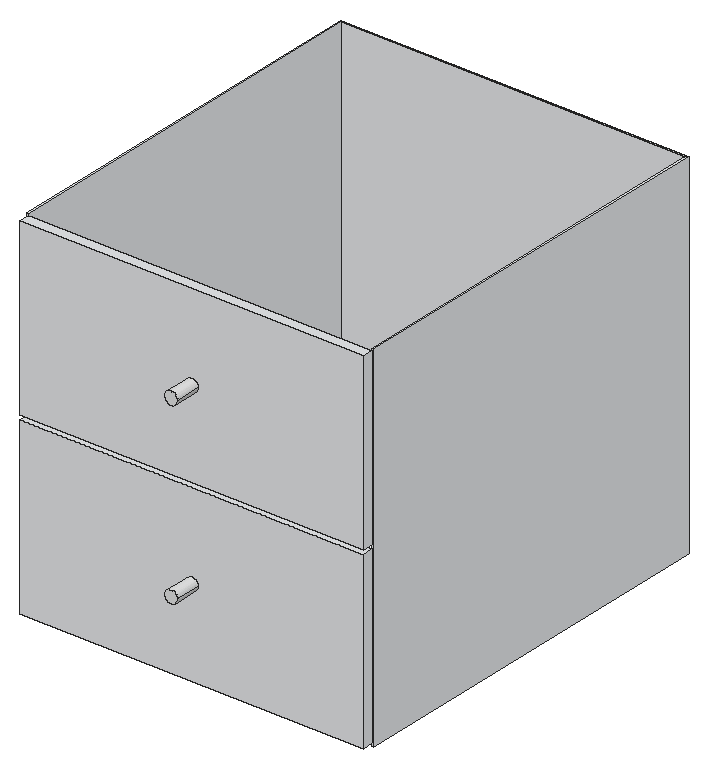
Revit family "Furniture_IKEA_EXPEDIT_Drawers", category Furniture, Revit 2014
Parameters
  Length = 335.6 mm
  Height = 343.2 mm
  Handle Length = 25 mm
  Handle = Ikea - Aluminium
  Finish = Ikea - Finish - White
  Drawer Face = 10 mm
  Depth = 388.937 mm
  Clearence = 2 mm
  Back PLate = 2 mm
Reference planes
  plane 1 "Center (Front/Back)": y = 0
  plane 2: z = 0
  plane 3 "Center (Left/Right)": x = 0
  plane 4: z = 343.2
  plane 5: z = 2
  plane 6: y = -25
  plane 7: y = 10
  plane 8: x = -167.8
  plane 9: x = 167.8
  plane 10: z = 341.2
  plane 11: x = -165.8
  plane 12: x = 165.8
  plane 13: z = 171.6
  plane 14: z = 169.6
  plane 15: z = 173.6
  plane 16: z = 257.4
  plane 17: z = 85.8
  plane 18: y = 388.938
  plane 19: y = 386.938
Forms (mm)
  Extrusion 1, solid, material "Ikea - Finish - White" <- "Finish"
    sketch origin (0, 0, 0) x (1, 0, 0) y (0, 0, 1)
      loop
        line (-165.8, 341.2) -> (-165.8, 173.6) -> (165.8, 173.6) -> (165.8, 341.2) -> (-165.8, 341.2)
      loop
        line (-165.8, 2) -> (165.8, 2) -> (165.8, 169.6) -> (-165.8, 169.6) -> (-165.8, 2)
    from -10 to 0
  Extrusion 2, solid, material "Ikea - Aluminium" <- "Handle"
    sketch origin (0, 0, 0) x (1, 0, 0) y (0, 0, 1)
      loop
        circle (0, 257.4) r 6
      loop
        circle (0, 85.8) r 6
    from 0 to 25
  Extrusion 3, solid, material "Ikea - Finish - White" <- "Finish"
    sketch origin (0, 0, 0) x (1, 0, 0) y (0, 1, 0)
      loop
        line (-167.8, 10) -> (-165.8, 10) -> (-165.8, 386.937) -> (165.8, 386.937) -> (165.8, 10) -> (167.8, 10) -> (167.8, 388.938) -> (-167.8, 388.938) -> (-167.8, 10)
    from 0 to 343.2
Dimensions and locks
  "Height": plane 4 to plane 2
  equal spacing: plane 9, plane 3 "Center (Left/Right)", plane 8
  "Length": plane 9 to plane 8
  "Clearence": plane 5 to plane 2
  "Clearence": plane 4 to plane 10
  "Clearence": plane 11 to plane 8
  "Clearence": plane 9 to plane 12
  equal spacing: plane 4, plane 13, plane 2
  "Clearence": plane 15 to plane 13
  "Clearence": plane 13 to plane 14
  equal spacing: plane 14, plane 17, plane 5
  equal spacing: plane 10, plane 16, plane 15
  "Handle Length": plane 6 to plane 1 "Center (Front/Back)"
  "Drawer Face": plane 1 "Center (Front/Back)" to plane 7
  "Depth": plane 1 "Center (Front/Back)" to plane 18
  "Back PLate": plane 18 to plane 19
  aligned and locked: level to plane 2
  aligned and locked: Extrusion 1 sketch curve to plane 10
  aligned and locked: plane 5 to Extrusion 1 sketch curve
  aligned and locked: Extrusion 1 sketch curve to plane 12
  aligned and locked: plane 15 to Extrusion 1 sketch curve
  aligned and locked: Extrusion 1 sketch curve to plane 14
  aligned and locked: Extrusion 2 to plane 1 "Center (Front/Back)"
  aligned and locked: Extrusion 2 to plane 6
  aligned and locked: plane 7 to Extrusion 1
  aligned and locked: plane 1 "Center (Front/Back)" to Extrusion 1
  aligned and locked: Extrusion 3 sketch curve to plane 8
  aligned and locked: plane 18 to Extrusion 3 sketch curve
  aligned and locked: plane 9 to Extrusion 3 sketch curve
  aligned and locked: Extrusion 3 sketch curve to plane 7
  aligned and locked: Extrusion 3 sketch curve to plane 11
  aligned and locked: Extrusion 3 sketch curve to plane 12
  aligned and locked: plane 4 to Extrusion 3
Automatic sketch dimensions
  Extrusion 1 sketch curve to plane 11 = 0 mm  (x2)
  Extrusion 1 sketch curve to Extrusion 1 sketch curve = 0 mm
  Extrusion 2 sketch curve to plane 3 "Center (Left/Right)" = 0 mm  (x2)
  Extrusion 2 sketch curve to plane 17 = 0 mm
  Extrusion 2 sketch curve to plane 16 = 0 mm
  Extrusion 3 sketch curve to plane 7 = 0 mm
  Extrusion 3 sketch curve to plane 19 = 0 mm
  radius of Extrusion 2 sketch curve = 6 mm  (x2)
